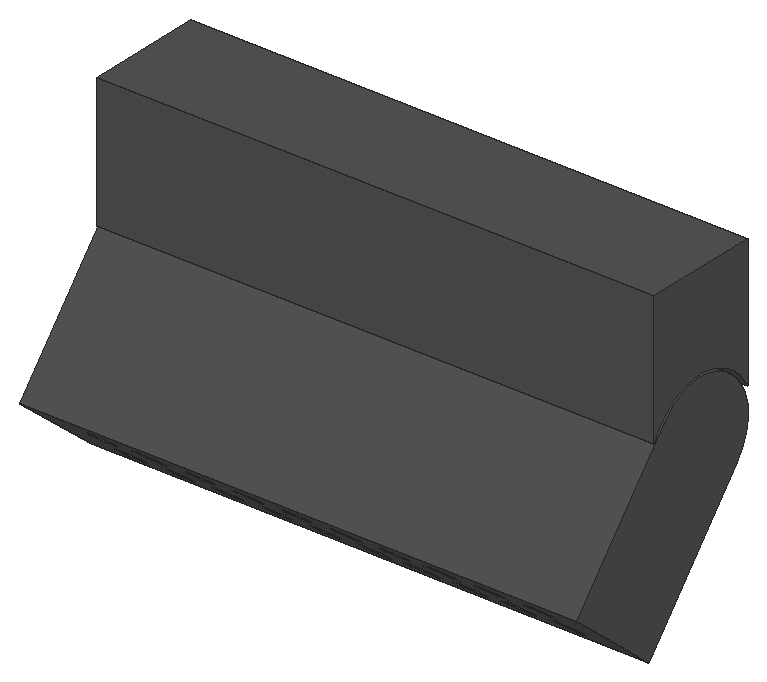
Revit family "LOFT-SURFACE-10W", category Осветительные приборы, Revit 2017
Family settings
  Размер круглого соединителя = Использовать диаметр
  Тип детали = Нормальный
  На основе рабочей плоскости = Нет
  Всегда вертикально = Да
  При загрузке вырезать с полостями = Нет
  Источник света = Да
  Общий = Нет
  Точка расчета площади = Нет
Parameters (values of type "025656 Светильник SP-LOFT-SURFACE-S170-10W Warm3000 (BK, 24 deg)")
  built-in parameter 1150104 = 13.8 (stored number, unit not read)
  built-in parameter 1150134 = (empty or 0)
  Файл фотометрической сетки = "025656_SP-LOFT-SURFACE-S170-10W Warm3000 (BK, 24 deg).ies"
  Угол для света [instance] = 90.00° - Угол поворота  # 50.00°
  Угол поворота [instance] = 40.00°
  Угол [instance] = if(or(Угол поворота = 0.00°, Угол поворота > 45.00°, Угол поворота < -45.00°), 45.00°, Угол поворота)  # 40.00°
  Tilt Angle = 90.00°
  built-in parameter 1150137 = (empty or 0)
  built-in parameter 1150132 = 2
  built-in parameter 1150114 = 1 (stored number, unit not read)
  Dimming Lamp Color Temperature Shift = (empty or 0)
  built-in parameter 1150105 = 47.746 (stored number, unit not read)
  Color Filter = 16777215
  Lumens = 600 lm
  Разработчик (телефон) = "+7 (495) 781-05-35"  # constant formula
  Разработчик (e-mail) = "info@constructor.ru"  # constant formula
  Разработчик (URL) = "https://constructor.ru/"  # constant formula
  Разработчик = "НТЦ Конструктор"  # constant formula
  Контакты ООО "Арлайт РУС" для получения счёта = "roman@transistor.ru, T +7 495 926 56 50 (доб.1115), моб. +7 (925) 871-32-07"  # constant formula
  Изготовитель (телефон) = "8 800 505 26 29"  # constant formula
  Изготовитель (сайт) = "www.arlight.ru"  # constant formula
  Вниз [instance] = Угол поворота = 0.00°  # no
  built-in parameter 1150109 = 1 (stored number, unit not read)
  built-in parameter 1150112 = 1 (stored number, unit not read)
  built-in parameter 1150110 = 1 (stored number, unit not read)
  built-in parameter 1150113 = 1 (stored number, unit not read)
  built-in parameter 1150115 = 1 (stored number, unit not read)
  built-in parameter 1114218 = 1 (stored number, unit not read)
  built-in parameter 1114217 = 1 (stored number, unit not read)
  Apparent Load = ADSK_Номинальная мощность / ADSK_Коэффициент мощности  # 10.5263 VA
  Поворот [instance] = not(Вниз)  # yes
  built-in parameter 1150106 = 0.47746 (stored number, unit not read)
  Описание = "Накладной поворотный светильник 10 Вт. Цвет ТЕПЛЫЙ 3000K, св.поток 500-550лм, CRI(Ra)>90, угол 24°. Угол наклона 45°. Корпус прямоугольный, черный алюминий, IP40. Размер LxHxW 170x100x36 мм. Питание AC 220-240V, 10 Вт, драйвер встроенный (DC300mA 25-40V)"
  built-in parameter 1150133 = 10 (stored number, unit not read)
  Wattage = 4.03926 W
  built-in parameter 1150139 = (empty or 0)
  Комментарии к типоразмеру = "Арт. 025656"
  built-in parameter 1150138 = (empty or 0)
  built-in parameter 1150107 = 3000 (stored number, unit not read)
  built-in parameter 1150102 = (empty or 0)
  Emit from Rectangle Width = 34 mm
  Emit from Rectangle Length = 168 mm
  Изготовитель = "ARLIGHT"  # constant formula
  Группа модели = "Светильники"  # constant formula
  Видимая форма излучения при визуализации = no
  URL = "https://arlight.ru/catalog/product/svetilnik-sp-loft-surface-s170-10w-warm3000-bk-24-deg-025656/"
  ARL_Цвет свечения = "Теплый 3000K"
  ARL_Цвет покрытия = "Черный"
  ARL_Угол обзора = "24°"
  ARL_Тип товара = "Светильник"
  ARL_Способ монтажа = "Накладной"
  ARL_Серия = "LOFT"
  ARL_Рабочая температура окружающей среды = "-20...+40 °C"
  ARL_Обозначение корпуса = "Корпус прямоугольный, алюминий, цвет черный"
  ARL_Область использования = "Для освещения в квартирах, офисах, музеях, магазинах с высокими требованиями к качеству света"
  ARL_Материал корпуса = Металл, чёрный
  ARL_Класс пылевлагозащиты = "IP40"
  ARL_Класс защиты от поражения электрическим током = "I"
  ARL_Индекс цветопередачи = ">90"
  ARL_Драйвер = "Встроенный (DC300mA 25-40V)"
  ADSK_Ток = ADSK_Номинальная мощность / (ADSK_Коэффициент мощности * ADSK_Напряжение * sqrt(ADSK_Количество фаз числовое))  # 0.0457666 A
  ADSK_Размер_Ширина = 36 mm
  ADSK_Размер_Длина = 170 mm
  ADSK_Размер_Высота = 100 mm
  ADSK_Примечание = ""
  ADSK_Полная мощность = ADSK_Номинальная мощность / ADSK_Коэффициент мощности  # 10.5263 VA
  ADSK_Позиция = ""
  ADSK_Номинальная мощность = 10 W
  ADSK_Напряжение = 230 V
  ADSK_Наименование = "Светильник"
  ADSK_Масса_Текст = "0.565"
  ADSK_Марка = "SP-LOFT-SURFACE-S170-10W Warm3000"
  ADSK_Коэффициент мощности = 0.95
  ADSK_Количество фаз числовое = 1
  ADSK_Количество фаз = 1
  ADSK_Код изделия = Комментарии к типоразмеру  # "Арт. 025656"
  ADSK_Классификация нагрузок = Освещение
  ADSK_Завод-изготовитель = Изготовитель  # "ARLIGHT"
  ADSK_Единица измерения = "шт."
Types (6, lengths in mm): name | built-in parameter 1150134 | Файл фотометрической сетки | Описание | Комментарии к типоразмеру | built-in parameter 1150107 | URL | ARL_Цвет свечения | ARL_Цвет покрытия | ARL_Обозначение корпуса | ARL_Материал корпуса | ADSK_Марка | ADSK_Код изделия
  026212 Светильник SP-LOFT-SURFACE-S170-10W White6000 (WH, 24 deg) | (empty or 0) | "026214_SP-LOFT-SURFACE-S170-10W Warm3000 (WH, 24 deg).ies" | "Накладной поворотный светильник 10 Вт. Цвет ТЕПЛЫЙ 3000K, св.поток 500-550лм, CRI(Ra)>90, угол 24°. Угол наклона 45°. Корпус прямоугольный, белый алюминий, IP40. Размер LxHxW 170x100x36 мм. Питание AC 220-240V, 10 Вт, драйвер встроенный (DC300mA 25-40V)" | "Арт. 026214" | 3000 (stored number, unit not read) | "https://arlight.ru/catalog/product/svetilnik-sp-loft-surface-s170-10w-warm3000-wh-24-deg-026214/" | "Теплый 3000K" | "Белый" | "Корпус прямоугольный, алюминий, цвет белый" | Металл, белый | "SP-LOFT-SURFACE-S170-10W Warm3000" | "Арт. 026214"
  026213 Светильник SP-LOFT-SURFACE-S170-10W Day4000 (WH, 24 deg) | 12 | "026213_SP-LOFT-SURFACE-S170-10W Day4000 (WH, 24 deg).ies" | "Накладной поворотный светильник 10 Вт. Цвет ДНЕВНОЙ 4000K, св.поток 540-600лм, CRI(Ra)>90, угол 24°. Угол наклона 45°. Корпус прямоугольный, белый алюминий, IP40. Размер LxHxW 170x100x36 мм. Питание AC 220-240V, 10 Вт, драйвер встроенный (DC300mA 25-40V)" | "Арт. 026213" | 4000 (stored number, unit not read) | "https://arlight.ru/catalog/product/svetilnik-sp-loft-surface-s170-10w-day4000-wh-24-deg-026213/" | "Дневной 4000K" | "Белый" | "Корпус прямоугольный, алюминий, цвет белый" | Металл, белый | "SP-LOFT-SURFACE-S170-10W Day4000" | "Арт. 026213"
  026214 Светильник SP-LOFT-SURFACE-S170-10W Warm3000 (WH, 24 deg) | (empty or 0) | "026214_SP-LOFT-SURFACE-S170-10W Warm3000 (WH, 24 deg).ies" | "Накладной поворотный светильник 10 Вт. Цвет ТЕПЛЫЙ 3000K, св.поток 500-550лм, CRI(Ra)>90, угол 24°. Угол наклона 45°. Корпус прямоугольный, белый алюминий, IP40. Размер LxHxW 170x100x36 мм. Питание AC 220-240V, 10 Вт, драйвер встроенный (DC300mA 25-40V)" | "Арт. 026214" | 3000 (stored number, unit not read) | "https://arlight.ru/catalog/product/svetilnik-sp-loft-surface-s170-10w-warm3000-wh-24-deg-026214/" | "Теплый 3000K" | "Белый" | "Корпус прямоугольный, алюминий, цвет белый" | Металл, белый | "SP-LOFT-SURFACE-S170-10W Warm3000" | "Арт. 026214"
  026211 Светильник SP-LOFT-SURFACE-S170-10W White6000 (BK, 24 deg) | 5 | "026211_SP-LOFT-SURFACE-S170-10W White6000 (BK, 24 deg).ies" | "Накладной поворотный светильник 10 Вт. Цвет БЕЛЫЙ 6000K, св.поток 540-600лм, CRI(Ra)>90, угол 24°. Угол наклона 45°. Корпус прямоугольный, черный алюминий, IP40. Размер LxHxW 170x100x36 мм. Питание AC 220-240V, 10 Вт, драйвер встроенный (DC300mA 25-40V)" | "Арт. 026211" | 6000 (stored number, unit not read) | "https://arlight.ru/catalog/product/svetilnik-sp-loft-surface-s170-10w-white6000-bk-24-deg-026211" | "Белый 6000K" | "Черный" | "Корпус прямоугольный, алюминий, цвет черный" | Металл, чёрный | "SP-LOFT-SURFACE-S170-10W White6000" | "Арт. 026211"
  026210 Светильник SP-LOFT-SURFACE-S170-10W Day4000 (BK, 24 deg) | 12 | "026210_SP-LOFT-SURFACE-S170-10W Day4000 (BK, 24 deg).ies" | "Накладной поворотный светильник 10 Вт. Цвет ДНЕВНОЙ 4000K, св.поток 540-600лм, CRI(Ra)>90, угол 24°. Угол наклона 45°. Корпус прямоугольный, черный алюминий, IP40. Размер LxHxW 170x100x36 мм. Питание AC 220-240V, 10 Вт, драйвер встроенный (DC300mA 25-40V)" | "Арт. 026210" | 4000 (stored number, unit not read) | "https://arlight.ru/catalog/product/svetilnik-sp-loft-surface-s170-10w-day4000-bk-24-deg-026210" | "Дневной 4000K" | "Черный" | "Корпус прямоугольный, алюминий, цвет черный" | Металл, чёрный | "SP-LOFT-SURFACE-S170-10W Day4000" | "Арт. 026210"
  025656 Светильник SP-LOFT-SURFACE-S170-10W Warm3000 (BK, 24 deg) | (empty or 0) | "025656_SP-LOFT-SURFACE-S170-10W Warm3000 (BK, 24 deg).ies" | "Накладной поворотный светильник 10 Вт. Цвет ТЕПЛЫЙ 3000K, св.поток 500-550лм, CRI(Ra)>90, угол 24°. Угол наклона 45°. Корпус прямоугольный, черный алюминий, IP40. Размер LxHxW 170x100x36 мм. Питание AC 220-240V, 10 Вт, драйвер встроенный (DC300mA 25-40V)" | "Арт. 025656" | 3000 (stored number, unit not read) | "https://arlight.ru/catalog/product/svetilnik-sp-loft-surface-s170-10w-warm3000-bk-24-deg-025656/" | "Теплый 3000K" | "Черный" | "Корпус прямоугольный, алюминий, цвет черный" | Металл, чёрный | "SP-LOFT-SURFACE-S170-10W Warm3000" | "Арт. 025656"
Reference planes
  plane 1 "По центру (Вперед/Назад)": y = 0
  plane 2: z = 0
  plane 3 "По центру (Влево/Вправо)": x = 0
  plane 4: x = -85
  plane 5: x = 85
  plane 6: y = 18
  plane 7: y = -18
  plane 8: z = -100
  plane 9: z = -48
  plane 10: through (0, 13.789, -59.57) normal (0, 0.6428, 0.766)
  plane 11: through (0, 12.728, -60.728) normal (0, 0.7071, 0.7071)
Forms (mm)
  Extrusion 1, solid, material "Металл, чёрный" <- "ARL_Материал корпуса", detail levels medium+fine
    sketch origin (0, 0, 0) x (0, 1, 0) y (0, 0, 1)
      loop
        line (18, 0) -> (-18, 0) -> (-18, -40.345)
        arc (-18, -40.345) -> (0, -29.063) -> (18, -40.345) r 20
        line (18, -40.345) -> (18, 0)
    from -85 to 85
  Extrusion 2, solid, material "Металл, чёрный" <- "ARL_Материал корпуса", visible <- "Вниз", detail levels medium+fine
    sketch origin (0, 0, 0) x (0, 1, 0) y (0, 0, 1)
      loop
        line (-18, -48) -> (-18, -100) -> (18, -100) -> (18, -48)
        arc (18, -48) -> (0, -30) -> (-18, -48) r 18
    from -85 to 85
  Extrusion 3, solid, material "Металл, чёрный" <- "ARL_Материал корпуса", visible <- "Поворот", detail levels medium+fine
    sketch origin (0, -4.183, -0.183) x (0, 0.996195, 0.087156) y (0, -0.087156, 0.996195)
      loop
        line (-12.728, -35.272) -> (-49.497, -72.042) -> (-24.042, -97.497) -> (12.728, -60.728)
        arc (12.728, -60.728) -> (12.728, -35.272) -> (-12.728, -35.272) r 18
    from -85 to 85
  Extrusion 4, void
    sketch origin (0, 0, 0) x (1, 0, 0) y (0, 1, 0)
      loop
        circle (-66.6, 7.4) r 5
      loop
        circle (-51.8, 7.4) r 5
      loop
        circle (-37, 7.4) r 5
      loop
        circle (-22.2, 7.4) r 5
      loop
        circle (-7.4, 7.4) r 5
      loop
        circle (7.4, 7.4) r 5
      loop
        circle (22.2, 7.4) r 5
      loop
        circle (37, 7.4) r 5
      loop
        circle (51.8, 7.4) r 5
      loop
        circle (66.6, 7.4) r 5
      loop
        circle (-66.6, -7.4) r 5
      loop
        circle (-51.8, -7.4) r 5
      loop
        circle (-37, -7.4) r 5
      loop
        circle (-22.2, -7.4) r 5
      loop
        circle (-7.4, -7.4) r 5
      loop
        circle (7.4, -7.4) r 5
      loop
        circle (22.2, -7.4) r 5
      loop
        circle (37, -7.4) r 5
      loop
        circle (51.8, -7.4) r 5
      loop
        circle (66.6, -7.4) r 5
    from -100 to -87
  Extrusion 5, void
    sketch origin (0, -47.214, -76.264) x (0, 0.766044, -0.642788) y (1, 0, 0)
      loop
        circle (26.046, -66.6) r 5
      loop
        circle (26.046, -51.8) r 5
      loop
        circle (26.046, -37) r 5
      loop
        circle (26.046, -22.2) r 5
      loop
        circle (26.046, -7.4) r 5
      loop
        circle (26.046, 7.4) r 5
      loop
        circle (26.046, 22.2) r 5
      loop
        circle (26.046, 37) r 5
      loop
        circle (26.046, 51.8) r 5
      loop
        circle (26.046, 66.6) r 5
      loop
        circle (11.246, -66.6) r 5
      loop
        circle (11.246, -51.8) r 5
      loop
        circle (11.246, -37) r 5
      loop
        circle (11.246, -22.2) r 5
      loop
        circle (11.246, -7.4) r 5
      loop
        circle (11.246, 7.4) r 5
      loop
        circle (11.246, 22.2) r 5
      loop
        circle (11.246, 37) r 5
      loop
        circle (11.246, 51.8) r 5
      loop
        circle (11.246, 66.6) r 5
    from 0 to -13
  Extrusion 6, solid, material "Металл, чёрный" <- "ARL_Материал корпуса", visible <- "Поворот", not visible, detail levels medium+fine
    sketch origin (0, 0, 0) x (0, 1, 0) y (0, 0, 1)
      loop
        line (-12.728, -35.272) -> (-49.497, -72.042) -> (-24.042, -97.497) -> (12.728, -60.728)
        arc (12.728, -60.728) -> (12.728, -35.272) -> (-12.728, -35.272) r 18
    from -85 to 85
Cuts and joins
  Extrusion 4 cuts Extrusion 2
  Extrusion 5 cuts Extrusion 3
Lines and regions (mm)
  model lines, style "InvisibleLines"
    curve 1: line (0, 0, -48) -> (0, -33.425, -87.834)
Dimensions and locks
  equal spacing: plane 6, plane 1 "По центру (Вперед/Назад)", plane 7
  "ADSK_Размер_Ширина": plane 6 to plane 7
  equal spacing: plane 4, plane 3 "По центру (Влево/Вправо)", plane 5
  "ADSK_Размер_Длина": plane 4 to plane 5
  "ADSK_Размер_Высота": plane 2 to plane 8
  Extrusion 2 sketch curve to imposter light = 70 mm
  "Угол": angle plane 9 to plane 10
  "Угол для света": angle imposter light to plane 9
  "Угол для света": angle curve 1 to plane 9
  aligned and locked: level to plane 2
  aligned and locked: Extrusion 1 to plane 4
  aligned and locked: plane 5 to Extrusion 1
  aligned and locked: plane 5 to Extrusion 2
  aligned and locked: Extrusion 2 to plane 4
  aligned and locked: imposter light to curve 1
Automatic sketch dimensions
  Extrusion 1 sketch curve to level = 0 mm
  Extrusion 1 sketch curve to plane 7 = 0 mm
  Extrusion 1 sketch curve to plane 1 "По центру (Вперед/Назад)" = 0 mm
  Extrusion 1 sketch curve to plane 6 = 0 mm
  Extrusion 1 sketch curve to Extrusion 1 sketch curve = 40.345 mm
  Extrusion 1 sketch curve to Extrusion 1 sketch curve = 8.718 mm
  Extrusion 3 sketch curve to Extrusion 3 sketch curve = 25.456 mm
  Extrusion 4 sketch curve to plane 1 "По центру (Вперед/Назад)" = 7.4 mm  (x10)
  plane 4 to Extrusion 4 sketch curve = 18.4 mm
  plane 1 "По центру (Вперед/Назад)" to Extrusion 4 sketch curve = 7.4 mm  (x10)
  Extrusion 4 sketch curve to Extrusion 4 sketch curve = 0 mm  (x5)
  Extrusion 4 sketch curve to Extrusion 4 sketch curve = 14.8 mm  (x10)
  Extrusion 4 sketch curve to plane 3 "По центру (Влево/Вправо)" = 7.4 mm  (x2)
  plane 3 "По центру (Влево/Вправо)" to Extrusion 4 sketch curve = 7.4 mm  (x2)
  Extrusion 3 to Extrusion 5 sketch curve = 11.246 mm  (x10)
  Extrusion 3 to Extrusion 5 sketch curve = 33.2 mm  (x2)
  Extrusion 5 sketch curve to Extrusion 3 = 9.954 mm  (x10)
  Extrusion 3 to Extrusion 5 sketch curve = 18.4 mm  (x2)
  Extrusion 5 sketch curve to Extrusion 5 sketch curve = 14.8 mm  (x10)
  Extrusion 5 sketch curve to Extrusion 5 sketch curve = 0 mm  (x6)
  Extrusion 3 sketch curve to plane 10 = 0 mm  (x3)
  Extrusion 3 sketch curve to plane 10 = 52 mm
  Extrusion 3 sketch curve to Extrusion 3 sketch curve = 36.77 mm
  Extrusion 6 sketch curve to Extrusion 6 sketch curve = 25.456 mm
  Extrusion 6 sketch curve to plane 11 = 0 mm  (x3)
  Extrusion 6 sketch curve to plane 11 = 52 mm
  Extrusion 6 sketch curve to Extrusion 6 sketch curve = 36.77 mm
  Extrusion 2 sketch curve to plane 7 = 0 mm
  Extrusion 2 sketch curve to plane 1 "По центру (Вперед/Назад)" = 0 mm
  Extrusion 2 sketch curve to plane 8 = 0 mm
  curve 1 to plane 1 "По центру (Вперед/Назад)" = 0 mm
  radius of Extrusion 4 sketch curve = 5 mm  (x20)
  radius of Extrusion 5 sketch curve = 5 mm  (x20)
Nested families
  nested 1: "УГО" at (0, 0, 0), type "УГО", detail levels coarse
Connectors
  electrical at (0, 0, 0), driven by "ADSK_Количество фаз", driven by "ADSK_Напряжение", driven by "ADSK_Полная мощность", driven by "ADSK_Коэффициент мощности", driven by "ADSK_Классификация нагрузок"
    settings: on Extrusion 1, index 1, voltage 230 V, apparent load 10.5263 VA, apparent load phase1 0 VA, apparent load phase2 0 VA, apparent load phase3 0 VA, power factor 0.95, load classification "Освещение", number of poles 1, system type 30, power factor state 1, is connector primary yes, connector utility no, sub classification motor no, connector description ""
Definition of nested family "УГО"
  Reference planes
    plane 1: y = 0
    plane 2: x = 0
  Lines and regions (mm)
    detail lines
      curve 1: circle (0, 0, 0) r 2.462 normal (0, 0, 1)
      curve 2: line (1, 2.25, 0) -> (1, -2.25, 0)
      curve 3: line (-1, 2.25, 0) -> (-1, -2.25, 0)
